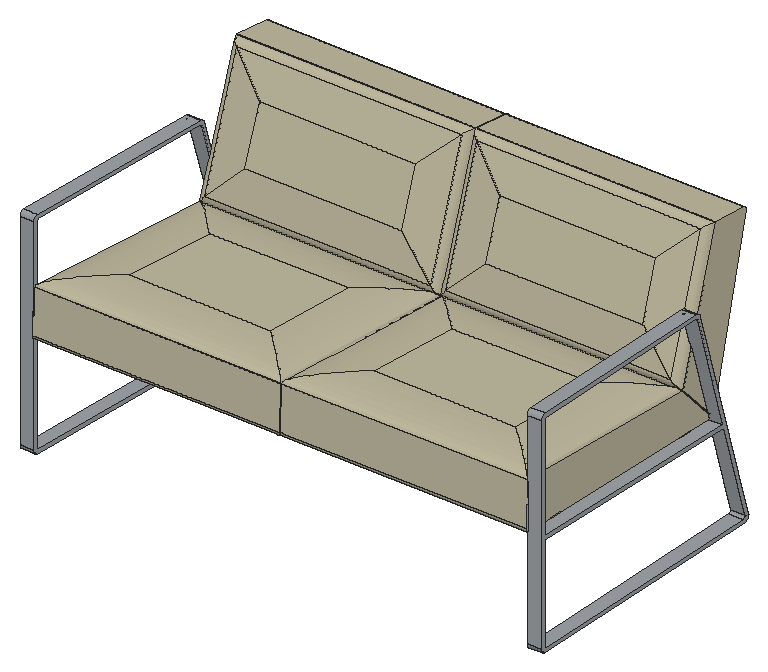
Revit family
Parameters
  URL = "http://www.martinbrattrud.com"
  SCS Certified Product = "Yes"
  Model = "Serif 530-56"
  Manufacturer = "Martin Brattrud, Inc."
  Keynote = "125000"
  Copyright = "© 2013 Martin Brattrud, Inc."
  Chair [instance] = none
  Arms [instance] = none
  Authoring Version = "Revit Architecture 2010"
  Assembly Code = "E2020200"
Reference planes (in)
  plane 1 "Center Front/Back": y = 0
  plane 2: z = 0
  plane 3 "Center Left/Right": x = 0
  plane 4 "seattop": through (0, -14.39489, 16.25041) normal (0, -0.0506, -0.9987)
Forms (in)
  Extrusion 1, solid, material <- "Arms"
    sketch origin (-26.09056, 0.02282, 48) x (-0.029169, -0.999575, 0) y (0, 0, 1)
      loop
        line (13.83268, -25.375) -> (-7.01352, -25.375)
        arc (-7.01352, -25.375) -> (-7.16223, -25.42404) -> (-7.2526, -25.55191) r 0.25
        line (-7.2526, -25.55191) -> (-10.82302, -37.23023) -> (14.08268, -36.75721) -> (14.08268, -25.625)
        arc (14.08268, -25.625) -> (14.00946, -25.44822) -> (13.83268, -25.375) r 0.25
      loop
        line (-10.93945, -37.61105) -> (-13.90224, -47.30191)
        arc (-13.90224, -47.30191) -> (-13.86413, -47.52371) -> (-13.66316, -47.625) r 0.25
        line (-13.66316, -47.625) -> (13.83268, -47.625)
        arc (13.83268, -47.625) -> (14.00946, -47.55178) -> (14.08268, -47.375) r 0.25
        line (14.08268, -47.375) -> (14.08268, -37.13215) -> (-10.93945, -37.61105)
      loop
        arc (-14.31024, -47.35381) -> (-14.23402, -47.79741) -> (-13.83209, -48) r 0.5
        line (-13.83209, -48) -> (13.95768, -48)
        arc (13.95768, -48) -> (14.31124, -47.85355) -> (14.45768, -47.5) r 0.5
        line (14.45768, -47.5) -> (14.45768, -25.5)
        arc (14.45768, -25.5) -> (14.31124, -25.14645) -> (13.95768, -25) r 0.5
        line (13.95768, -25) -> (-7.10602, -25)
        arc (-7.10602, -25) -> (-7.40343, -25.09807) -> (-7.58417, -25.35381) r 0.5
        line (-7.58417, -25.35381) -> (-14.31024, -47.35381)
    from 0 to 1.5
  Extrusion 2, solid, material <- "Arms"
    sketch origin (26.09056, 0.02282, 48) x (0.029169, -0.999575, 0) y (0, 0, -1)
      loop
        arc (13.83268, 25.375) -> (14.00946, 25.44822) -> (14.08268, 25.625) r 0.25
        line (14.08268, 25.625) -> (14.08268, 36.75721) -> (-10.82302, 37.23023) -> (-7.2526, 25.55191)
        arc (-7.2526, 25.55191) -> (-7.16223, 25.42404) -> (-7.01352, 25.375) r 0.25
        line (-7.01352, 25.375) -> (13.83268, 25.375)
      loop
        line (-10.93945, 37.61105) -> (14.08268, 37.13215) -> (14.08268, 47.375)
        arc (14.08268, 47.375) -> (14.00946, 47.55178) -> (13.83268, 47.625) r 0.25
        line (13.83268, 47.625) -> (-13.66316, 47.625)
        arc (-13.66316, 47.625) -> (-13.86413, 47.52371) -> (-13.90224, 47.30191) r 0.25
        line (-13.90224, 47.30191) -> (-10.93945, 37.61105)
      loop
        line (-14.31024, 47.35381) -> (-7.58417, 25.35381)
        arc (-7.58417, 25.35381) -> (-7.40343, 25.09807) -> (-7.10602, 25) r 0.5
        line (-7.10602, 25) -> (13.95768, 25)
        arc (13.95768, 25) -> (14.31124, 25.14645) -> (14.45768, 25.5) r 0.5
        line (14.45768, 25.5) -> (14.45768, 47.5)
        arc (14.45768, 47.5) -> (14.31124, 47.85355) -> (13.95768, 48) r 0.5
        line (13.95768, 48) -> (-13.83209, 48)
        arc (-13.83209, 48) -> (-14.23402, 47.79741) -> (-14.31024, 47.35381) r 0.5
    from 0 to 1.5
  Extrusion 3, solid, material <- "Arms"
    sketch origin (0, 0, 0) x (0, 1, 0) y (0, 0, 1)
      loop
        line (8.33058, 10.8183) -> (6.83085, 10.84679) -> (6.82362, 10.46894) -> (8.32334, 10.44022) -> (8.33058, 10.8183)
      loop
        line (-9.8957, 11.16446) -> (-11.39543, 11.19294) -> (-11.40261, 10.81747) -> (-9.90289, 10.78876) -> (-9.8957, 11.16446)
    from -26.70191 to 26.5
  Extrusion 4, solid, material <- "Chair"
    sketch origin (0, 0, 0) x (0, 1, 0) y (0, 0, 1)
      loop
        line (15.6877, 29.02419) -> (11.81326, 29.36315) -> (7.1417, 15.15946) -> (11.33004, 10.76134) -> (15.94697, 28.65756)
        arc (15.94697, 28.65756) -> (15.90229, 28.90095) -> (15.6877, 29.02419) r 0.29424
    from -27.7452 to 0
  Extrusion 5, solid, material <- "Chair"
    sketch origin (0, 0, 0) x (0, 1, 0) y (0, 0, 1)
      loop
        line (11.33004, 10.76134) -> (7.1417, 15.15946) -> (-14.39489, 16.25041) -> (-14.59173, 11.63759)
        arc (-14.59173, 11.63759) -> (-14.49028, 11.36473) -> (-14.22419, 11.24667) r 0.375
        line (-14.22419, 11.24667) -> (11.33004, 10.76134)
    from -28.17571 to 0
  Sweep 6, solid, material <- "Chair"
    path in 3D
      loop
        line (-26.51128, -14.39489, 16.25041) -> (-25.88282, 7.1417, 15.15946) -> (0, 7.1417, 15.15946) -> (0, -14.39489, 16.25041) -> (-26.51128, -14.39489, 16.25041)
    profile origin (-13.25564, -14.39489, 16.25041) x (0, -0.042634, -0.999091) y (0, -0.999091, 0.042634)
      loop
        spline (0.00025, -0.03124) -> (-0.13005, -0.07829) -> (-0.25739, -0.21883) -> (-0.37959, -0.45044) -> (-0.49456, -0.76916) -> (-0.60031, -1.16953) -> (-0.69505, -1.64466) -> (-0.77714, -2.18643) -> (-0.84518, -2.78555) -> (-0.898, -3.43173) -> (-0.9347, -4.11391) -> (-0.95464, -4.82038) -> (-0.95749, -5.53904)
        line (-0.95749, -5.53904) -> (-0.92164, -10.0389) -> (0.07991, -10.03092) -> (0.00025, -0.03124)
  Sweep 7, solid, material <- "Chair"
    path in 3D
      loop
        line (-25.7465, 11.81326, 29.36315) -> (-25.88282, 7.1417, 15.15946) -> (0, 7.1417, 15.15946) -> (0, 11.81326, 29.36315) -> (-25.7465, 11.81326, 29.36315)
    profile origin (-12.87325, 11.81326, 29.36315) x (0, -0.312433, -0.94994) y (0, -0.94994, 0.312433)
      loop
        line (0.03213, 0) -> (4.494, 0) -> (4.494, 1.13082)
        arc (4.494, 1.13082) -> (2.64167, 1.03773) -> (0.80801, 0.7594) r 18.47556
        arc (0.80801, 0.7594) -> (0.30805, 0.49416) -> (0.03213, 0) r 1
  Extrusion 8, solid, material <- "Chair"
    sketch origin (0, 0.78423, 15.4815) x (0, -0.998719, 0.050591) y (-1, 0, 0)
      loop
        line (3.66562, 10.03124) -> (5.16734, 10.03124) -> (5.16734, 16.18344) -> (3.66562, 16.13967) -> (3.66562, 10.03124)
    from -1.00158 to 0
  Extrusion 9, solid, material <- "Chair"
    sketch origin (0, 1.73815, -0.57167) x (0, -0.312433, -0.94994) y (-1, 0, 0)
      loop
        line (-27.09008, 4.494) -> (-21.12588, 4.494) -> (-21.12588, 21.34766) -> (-27.09008, 21.29328) -> (-27.09008, 4.494)
    from -0.9127 to 0.21812
  Extrusion 10, void
    sketch origin (0, 0, 0) x (1, 0, 0) y (0, 1, 0)
      loop
        line (-26.63655, -18.68777) -> (-25.52767, 19.31223) -> (-30.15293, 19.31223) -> (-30.15293, -18.68777) -> (-26.63655, -18.68777)
      loop
        line (26.63655, -18.68777) -> (30.15293, -18.68777) -> (30.15293, 19.31223) -> (25.52767, 19.31223) -> (26.63655, -18.68777)
    from 8.87704 to 31.05989
  Extrusion 11, solid, material <- "Chair"
    sketch origin (0, 0, 0) x (0, 1, 0) y (0, 0, -1)
      loop
        arc (15.6877, -29.02419) -> (15.90229, -28.90095) -> (15.94697, -28.65756) r 0.29424
        line (15.94697, -28.65756) -> (11.33004, -10.76134) -> (7.1417, -15.15946) -> (11.81326, -29.36315) -> (15.6877, -29.02419)
    from -27.7452 to 0
  Extrusion 12, solid, material <- "Chair"
    sketch origin (0, 0, 0) x (0, 1, 0) y (0, 0, -1)
      loop
        line (11.33004, -10.76134) -> (-14.22419, -11.24667)
        arc (-14.22419, -11.24667) -> (-14.49028, -11.36473) -> (-14.59173, -11.63759) r 0.375
        line (-14.59173, -11.63759) -> (-14.39489, -16.25041) -> (7.1417, -15.15946) -> (11.33004, -10.76134)
    from -28.17571 to 0
  Sweep 13, solid, material <- "Chair"
    path in 3D
      loop
        line (26.51128, -14.39489, 16.25041) -> (25.88282, 7.1417, 15.15946) -> (0, 7.1417, 15.15946) -> (0, -14.39489, 16.25041) -> (26.51128, -14.39489, 16.25041)
    profile origin (13.25564, -14.39489, 16.25041) x (0, 0.042634, 0.999091) y (0, -0.999091, 0.042634)
      loop
        line (-0.00025, -0.03124) -> (-0.07991, -10.03092) -> (0.92164, -10.0389) -> (0.95749, -5.53904)
        spline (0.95749, -5.53904) -> (0.95464, -4.82038) -> (0.9347, -4.11391) -> (0.898, -3.43173) -> (0.84518, -2.78555) -> (0.77714, -2.18643) -> (0.69505, -1.64466) -> (0.60031, -1.16953) -> (0.49456, -0.76916) -> (0.37959, -0.45044) -> (0.25739, -0.21883) -> (0.13005, -0.07829) -> (-0.00025, -0.03124)
  Sweep 14, solid, material <- "Chair"
    path in 3D
      loop
        line (25.7465, 11.81326, 29.36315) -> (25.88282, 7.1417, 15.15946) -> (0, 7.1417, 15.15946) -> (0, 11.81326, 29.36315) -> (25.7465, 11.81326, 29.36315)
    profile origin (12.87325, 11.81326, 29.36315) x (0, 0.312433, 0.94994) y (0, -0.94994, 0.312433)
      loop
        arc (-0.03213, 0) -> (-0.30805, 0.49416) -> (-0.80801, 0.7594) r 1
        arc (-0.80801, 0.7594) -> (-2.64167, 1.03773) -> (-4.494, 1.13082) r 18.47556
        line (-4.494, 1.13082) -> (-4.494, 0) -> (-0.03213, 0)
  Extrusion 15, solid, material <- "Chair"
    sketch origin (0, 0.78423, 15.4815) x (0, -0.998719, 0.050591) y (-1, 0, 0)
      loop
        line (3.66562, -10.03124) -> (3.66562, -16.13967) -> (5.16734, -16.18344) -> (5.16734, -10.03124) -> (3.66562, -10.03124)
    from -1.00158 to 0
  Extrusion 16, solid, material <- "Chair"
    sketch origin (0, 1.73815, -0.57167) x (0, -0.312433, -0.94994) y (-1, 0, 0)
      loop
        line (-27.09008, -4.494) -> (-27.09008, -21.29328) -> (-21.12588, -21.34766) -> (-21.12588, -4.494) -> (-27.09008, -4.494)
    from -0.9127 to 0.21812
Cuts and joins
  joined: Sweep 6, Extrusion 8
  joined: Sweep 7, Extrusion 9
  Extrusion 10 cuts Extrusion 3
  joined: Sweep 14, Extrusion 16
  joined: Sweep 13, Extrusion 15
  Extrusion 10 cuts Extrusion 11
  Extrusion 10 cuts Extrusion 12
  Extrusion 10 cuts Extrusion 4
  Extrusion 10 cuts Extrusion 5
Lines and regions (in)
  sketch lines
    curve 1: line (0, -14.39489, 16.25041) -> (-26.51128, -14.39489, 16.25041)
    curve 2: line (-25.88282, 7.1417, 15.15946) -> (-26.51128, -14.39489, 16.25041)
    curve 3: line (0, 7.1417, 15.15946) -> (-25.88282, 7.1417, 15.15946)
    curve 4: line (0, 7.1417, 15.15946) -> (0, -14.39489, 16.25041)
    curve 5: line (0, 11.81326, 29.36315) -> (-25.7465, 11.81326, 29.36315)
    curve 6: line (0, 11.81326, 29.36315) -> (0, 7.1417, 15.15946)
    curve 7: line (0, 7.1417, 15.15946) -> (-25.88282, 7.1417, 15.15946)
    curve 8: line (-25.7465, 11.81326, 29.36315) -> (-25.88282, 7.1417, 15.15946)
    curve 9: line (0, -14.39489, 16.25041) -> (26.51128, -14.39489, 16.25041)
    curve 10: line (25.88282, 7.1417, 15.15946) -> (26.51128, -14.39489, 16.25041)
    curve 11: line (0, 7.1417, 15.15946) -> (25.88282, 7.1417, 15.15946)
    curve 12: line (0, 7.1417, 15.15946) -> (0, -14.39489, 16.25041)
    curve 13: line (0, 11.81326, 29.36315) -> (25.7465, 11.81326, 29.36315)
    curve 14: line (0, 11.81326, 29.36315) -> (0, 7.1417, 15.15946)
    curve 15: line (0, 7.1417, 15.15946) -> (25.88282, 7.1417, 15.15946)
    curve 16: line (25.7465, 11.81326, 29.36315) -> (25.88282, 7.1417, 15.15946)
